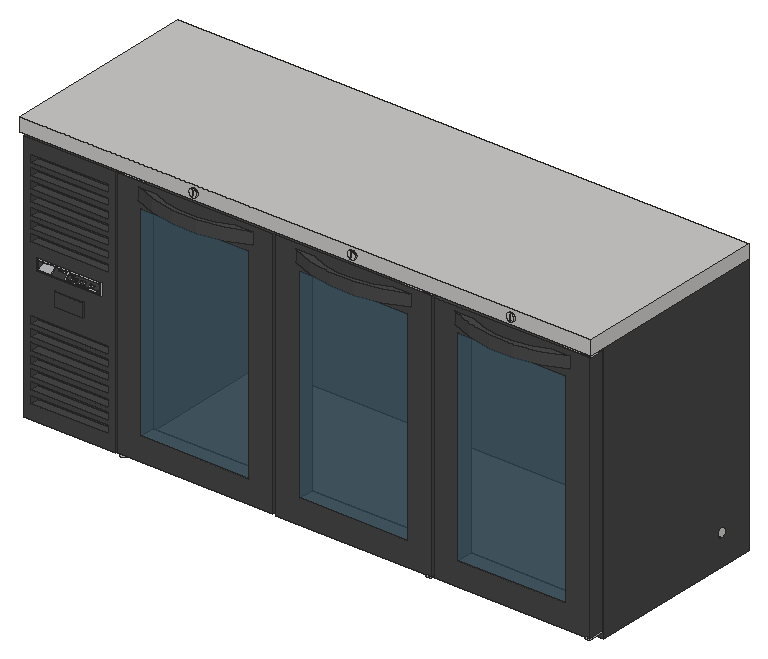
Revit family "QF_TRUE_TBR72-RISZ1-L-B-GGG-1", category Specialty Equipment, Revit 2016 (continued)
Definition of nested family "CASTORS & LEGS"
  Dimensions and locks (in)
    aligned and locked: level to plane 1
  Nested families (in)
    nested 1: "3 INCHES 01_CASTER" at (0, 0, 0), visible <- "Show 2 Inches Castors", type "3 INCHES 01_CASTER"
      with Type Mark "", Specification by User "", Revision Code "", Item Number "", Installed By "", Identify Quantity as Lot yes, Furnished By "", Foodservice Equipment Identifier yes, 3 Inches Caster yes
    nested 2: "HATCO_4 INCHES_CASTER" at (0, -0.75, 0), Show 4 Inches Caster <- "Show 3 Inches Castors", type "HATCO_4 INCHES_CASTER"
      with Type Mark "", Specification by User "", Show 4 Inches Caster yes, Revision Code "", Item Number "", Installed By "", Identify Quantity as Lot yes, Furnished By "", Foodservice Equipment Identifier yes
    nested 3: "5 INCHES 01_CASTER" at (0, 0, 0), visible <- "Show 4 Inches Castors", type "5 INCHES 01_CASTER"
      with Type Mark "", Specification by User "", Show 5" Casters yes, Revision Code "", Key Locks yes, Item Number "", Installed By "", Identify Quantity as Lot yes, Furnished By "", Foodservice Equipment Identifier yes
    nested 4: "7-8 INCHES_CASTER" at (0, 0, 0), visible <- "Show 1 Inch Rollers", type "7-8 INCHES_CASTER"
      with Type Mark "", Specification by User "", Revision Code "", Item Number "", Installed By "", Identify Quantity as Lot yes, Furnished By "", Foodservice Equipment Identifier yes, 2.5 Inches Caster yes
    nested 5: "6 INCHES 02_CASTER" at (0, 0, 0), visible <- "Show 5 Inches Castors", Show Casters <- "Show 5 Inches Castors", type "6 INCHES 02_CASTER"
      with Type Mark "", Specification by User "", Show Casters yes, Revision Code "", Item Number "", Installed By "", Identify Quantity as Lot yes, Furnished By "", Foodservice Equipment Identifier yes
  Definition of nested family "3 INCHES 01_CASTER"
    Parameters (values of type "3 INCHES 01_CASTER")
      Weight = ""
      URL Manufacturer = ""
      URL Cutsheet = ""
      URL = ""
      Type Mark [instance] = ""
      Specification by User [instance] = ""
      Specification by Manufacturer = ""
      Serial Number = ""
      Seismic Rating = ""
      SMACNA No = ""
      Revision Code [instance] = ""
      Omniclass Number and Title = ""
      NAFEM Spec ID Number = ""
      Model = ""
      MasterSpec. = ""
      Manufacturer = ""
      Item Number [instance] = ""
      Installed By [instance] = ""
      Identify Quantity as Lot [instance] = yes
      Furnished By [instance] = ""
      Foodservice Equipment Identifier [instance] = yes
      Description = ""
      CSI MasterFormat = ""
      CSI Master Format = ""
      Assembly Code = ""
      3 Inches Caster [instance] = yes
    Reference planes (in)
      plane 1: z = 0
      plane 2 "RIGHT": x = 0
      plane 3 "FRONT": y = 0
      plane 4 "TOP": z = 3.125
    Forms (in)
      Revolve 1, solid, visible <- "3 Inches Caster"
        sketch origin (-1.93794, 0.56004, -1.0041) x (1, 0, 0) y (0, 0, 1)
          loop
            line (0.74055, 2.11347) -> (0.74055, 2.03797) -> (0.79055, 1.98797) -> (0.85055, 1.98797) -> (0.85055, 1.8679) -> (1.235, 1.8679) -> (1.235, 1.7068) -> (1.36441, 1.63209) -> (1.4003, 1.41035) -> (1.34375, 1.41035) -> (1.34375, 1.28535) -> (1.375, 1.28535) -> (1.375, 1.0041) -> (2.48438, 1.0041) -> (2.48438, 1.28535) -> (2.51563, 1.28535) -> (2.51563, 1.41035) -> (2.45908, 1.41035) -> (2.49553, 1.6356) -> (2.62438, 1.70999) -> (2.62438, 1.8679) -> (3.04007, 1.8679) -> (3.04007, 1.98797) -> (3.10007, 1.98797) -> (3.15007, 2.03797) -> (3.15007, 2.11347) -> (0.74055, 2.11347)
          axis (0.74055, 2.11347) -> (3.15007, 2.11347)
        angle from 0 to 360
      Extrusion 2, solid, visible <- "3 Inches Caster"
        sketch origin (-1.93794, 1.35294, -3.2541) x (0, 1, 0) y (0, 0, 1)
          loop
            line (-0.41094, 5.86793) -> (-0.41094, 6.01276) -> (-2.29494, 6.01276) -> (-2.29494, 5.71244) -> (-1.82301, 5.71244)
            arc (-1.82301, 5.71244) -> (-1.00307, 5.59865) -> (-0.19592, 5.41488) r 9.6332
            arc (-0.19592, 5.41488) -> (0.12646, 5.29481) -> (0.42224, 5.11916) r 1.92059
            line (0.42224, 5.11916) -> (0.51314, 5.245)
            arc (0.51314, 5.245) -> (0.27353, 5.42569) -> (0.01201, 5.5729) r 2.25036
            line (0.01201, 5.5729) -> (0.09371, 5.71426)
            arc (0.09371, 5.71426) -> (-0.15272, 5.81043) -> (-0.41094, 5.86793) r 1.73151
        from 1.17357 to 2.70231
      Revolve 3, solid, visible <- "3 Inches Caster"
        sketch origin (0, 1.73858, -3.25) x (0, 1, 0) y (0, 0, 1)
          loop
            line (-1.73858, 6.375) -> (-1.73858, 6.00866) -> (-0.93293, 6.00866) -> (-0.93293, 6.375) -> (-1.73858, 6.375)
          axis (-1.73858, 6.00866) -> (-1.73858, 6.375)
        angle from 0 to 360
      Extrusion 4, solid, visible <- "3 Inches Caster"
        sketch origin (-1.98481, 1.35294, -1.7541) x (0, 1, 0) y (0, 0, 1)
          loop
            line (-2.29494, 4.51276) -> (-2.29494, 4.21244) -> (-2.2074, 4.21244)
            arc (-2.2074, 4.21244) -> (-1.58796, 3.87196) -> (-1.3103, 3.22193) r 1.0835
            arc (-1.3103, 3.22193) -> (-1.27304, 2.98711) -> (-1.19616, 2.76214) r 1.38462
            arc (-1.19616, 2.76214) -> (-0.77704, 2.49744) -> (-0.37393, 2.78593) r 0.44401
            arc (-0.37393, 2.78593) -> (-0.35491, 2.84407) -> (-0.34077, 2.90358) r 0.74034
            arc (-0.34077, 2.90358) -> (-0.07302, 3.38916) -> (0.4279, 3.62699) r 0.90376
            line (0.4279, 3.62699) -> (0.51314, 3.745)
            arc (0.51314, 3.745) -> (0.27353, 3.92569) -> (0.01201, 4.0729) r 2.25036
            line (0.01201, 4.0729) -> (0.09371, 4.21426)
            arc (0.09371, 4.21426) -> (-0.15272, 4.31043) -> (-0.41094, 4.36793) r 1.73151
            line (-0.41094, 4.36793) -> (-0.41094, 4.51276) -> (-2.29494, 4.51276)
        from 2.74918 to 2.90825
      Extrusion 5, solid, visible <- "3 Inches Caster"
        sketch origin (1.98481, 1.35294, -1.7541) x (0, 1, 0) y (0, 0, -1)
          loop
            line (-2.29494, -4.51276) -> (-0.41094, -4.51276) -> (-0.41094, -4.36793)
            arc (-0.41094, -4.36793) -> (-0.15272, -4.31043) -> (0.09371, -4.21426) r 1.73151
            line (0.09371, -4.21426) -> (0.01201, -4.0729)
            arc (0.01201, -4.0729) -> (0.27353, -3.92569) -> (0.51314, -3.745) r 2.25036
            line (0.51314, -3.745) -> (0.4279, -3.62699)
            arc (0.4279, -3.62699) -> (-0.07302, -3.38916) -> (-0.34077, -2.90358) r 0.90376
            arc (-0.34077, -2.90358) -> (-0.35491, -2.84407) -> (-0.37393, -2.78593) r 0.74034
            arc (-0.37393, -2.78593) -> (-0.77704, -2.49744) -> (-1.19616, -2.76214) r 0.44401
            arc (-1.19616, -2.76214) -> (-1.27304, -2.98711) -> (-1.3103, -3.22193) r 1.38462
            arc (-1.3103, -3.22193) -> (-1.58796, -3.87196) -> (-2.2074, -4.21244) r 1.0835
            line (-2.2074, -4.21244) -> (-2.29494, -4.21244) -> (-2.29494, -4.51276)
        from 2.74918 to 2.90825
    Cuts and joins
      joined: Extrusion 2, Extrusion 4, Extrusion 5
    Lines and regions (in)
      symbolic lines, visible <- "3 Inches Caster"
        curve 1: line (0.1877, 1.65194, 0) -> (0.89063, 1.2461, 0)
        curve 2: line (-1.00175, -0.40823, 0) -> (0.1877, 1.65194, 0)
        curve 3: line (-0.29881, -0.81407, 0) -> (-1.00175, -0.40823, 0)
        curve 4: line (0.89063, 1.2461, 0) -> (-0.29881, -0.81407, 0)
    Dimensions and locks (in)
      plane 4 "TOP" to level = 3 1/8"  (x2)
      aligned and locked: level to plane 1
  Definition of nested family "HATCO_4 INCHES_CASTER"
    Parameters (values of type "HATCO_4 INCHES_CASTER")
      URL Manufacturer = ""
      URL Cutsheet = ""
      URL = ""
      Type Mark [instance] = ""
      Specification by User [instance] = ""
      Specification by Manufacturer = ""
      Serial Number = ""
      Seismic Rating = ""
      SMACNA No = ""
      Revision Code [instance] = ""
      Omniclass Number and Title = ""
      NAFEM Spec ID Number = ""
      Model = ""
      Manufacturer = ""
      Item Number [instance] = ""
      Installed By [instance] = ""
      Identify Quantity as Lot [instance] = yes
      Furnished By [instance] = ""
      Foodservice Equipment Identifier [instance] = yes
      Description = ""
      CSI MasterFormat = ""
      CSI Master Format = ""
      Assembly Code = ""
      Show 4 Inches Caster [instance] = yes
    Reference planes (in)
      plane 1: z = 0
      plane 2 "RIGHT": x = 0
      plane 3 "FRONT": y = 0
      plane 4 "TOP": z = 4
    Forms (in)
      Revolve 1, solid, visible <- "Show 4 Inches Caster"
        sketch origin (-1.93794, 0.83816, -1.0041) x (1, 0, 0) y (0, 0, 1)
          loop
            line (0.74055, 2.5041) -> (3.15007, 2.5041) -> (3.15007, 2.5796) -> (3.10007, 2.6296) -> (3.04007, 2.6296) -> (3.04007, 2.74967) -> (2.62438, 2.74967) -> (2.62438, 2.93884) -> (2.48438, 3.01967) -> (2.45908, 3.17597) -> (2.51563, 3.17597) -> (2.51563, 3.41035) -> (2.48438, 3.41035) -> (2.48438, 4.0041) -> (1.375, 4.0041) -> (1.375, 3.41035) -> (1.34375, 3.41035) -> (1.34375, 3.17597) -> (1.4003, 3.17597) -> (1.37557, 3.02318) -> (1.235, 2.94202) -> (1.235, 2.74967) -> (0.85055, 2.74967) -> (0.85055, 2.6296) -> (0.79055, 2.6296) -> (0.74055, 2.5796) -> (0.74055, 2.5041)
          axis (0.74055, 2.5041) -> (3.15007, 2.5041)
        angle from 0 to 360
      Extrusion 2, solid, visible <- "Show 4 Inches Caster"
        sketch origin (-1.93794, 1.80294, -1.7541) x (0, 1, 0) y (0, 0, 1)
          loop
            line (-3.08794, 5.33423) -> (-3.08794, 5.00584) -> (-2.69466, 5.00584)
            arc (-2.69466, 5.00584) -> (-1.57175, 4.94895) -> (-0.46376, 4.75787) r 9.36411
            arc (-0.46376, 4.75787) -> (-0.05889, 4.58436) -> (0.28335, 4.30705) r 1.60049
            line (0.28335, 4.30705) -> (0.34449, 4.39437)
            arc (0.34449, 4.39437) -> (0.12713, 4.6163) -> (-0.1239, 4.79931) r 1.8753
            line (-0.1239, 4.79931) -> (-0.05749, 4.91421)
            arc (-0.05749, 4.91421) -> (-0.33807, 5.05694) -> (-0.64294, 5.13542) r 1.44292
            line (-0.64294, 5.13542) -> (-0.64294, 5.33423) -> (-3.08794, 5.33423)
        from 1.1267 to 2.74918
      Revolve 3, solid, visible <- "Show 4 Inches Caster"
        sketch origin (0, 2.15543, -2.25) x (0, 1, 0) y (0, 0, 1)
          loop
            line (-2.21793, 6.25) -> (-2.21793, 5.83014) -> (-1.05793, 5.83014) -> (-1.05793, 6.25) -> (-2.21793, 6.25)
          axis (-2.21793, 5.83014) -> (-2.21793, 6.25)
        angle from 0 to 360
      Extrusion 4, solid, visible <- "Show 4 Inches Caster"
        sketch origin (-1.93794, 1.80294, -1.7541) x (0, 1, 0) y (0, 0, 1)
          loop
            line (-3.08794, 5.33423) -> (-3.08794, 5.00584) -> (-2.8913, 5.00584)
            arc (-2.8913, 5.00584) -> (-2.09118, 4.14057) -> (-1.45681, 3.14736) r 6.63355
            arc (-1.45681, 3.14736) -> (-0.85703, 2.75969) -> (-0.4561, 3.35069) r 0.5107
            arc (-0.4561, 3.35069) -> (-0.27092, 3.92503) -> (0.24034, 4.24562) r 0.88136
            line (0.24034, 4.24562) -> (0.34449, 4.39437)
            arc (0.34449, 4.39437) -> (0.12713, 4.6163) -> (-0.1239, 4.79931) r 1.8753
            line (-0.1239, 4.79931) -> (-0.05749, 4.91421)
            arc (-0.05749, 4.91421) -> (-0.33807, 5.05694) -> (-0.64294, 5.13542) r 1.44292
            line (-0.64294, 5.13542) -> (-0.64294, 5.33423) -> (-3.08794, 5.33423)
        from 2.74918 to 2.90825
      Extrusion 5, solid, visible <- "Show 4 Inches Caster"
        sketch origin (1.93794, 1.80294, -1.7541) x (0, 1, 0) y (0, 0, -1)
          loop
            line (-3.08794, -5.33423) -> (-0.64294, -5.33423) -> (-0.64294, -5.13542)
            arc (-0.64294, -5.13542) -> (-0.33807, -5.05694) -> (-0.05749, -4.91421) r 1.44292
            line (-0.05749, -4.91421) -> (-0.1239, -4.79931)
            arc (-0.1239, -4.79931) -> (0.12713, -4.6163) -> (0.34449, -4.39437) r 1.8753
            line (0.34449, -4.39437) -> (0.24034, -4.24562)
            arc (0.24034, -4.24562) -> (-0.27092, -3.92503) -> (-0.4561, -3.35069) r 0.88136
            arc (-0.4561, -3.35069) -> (-0.85703, -2.75969) -> (-1.45681, -3.14736) r 0.5107
            arc (-1.45681, -3.14736) -> (-2.09118, -4.14057) -> (-2.8913, -5.00584) r 6.63355
            line (-2.8913, -5.00584) -> (-3.08794, -5.00584) -> (-3.08794, -5.33423)
        from 2.74918 to 2.90825
    Cuts and joins
      joined: Extrusion 2, Extrusion 4, Extrusion 5
    Lines and regions (in)
      symbolic lines, visible <- "Show 4 Inches Caster"
        curve 1: line (0.28481, 2.83041, 0) -> (1.24556, 2.27572, 0)
        curve 2: line (-1.26206, 0.15114, 0) -> (-0.69281, 1.13711, 0)
        curve 3: line (-0.30132, -0.40355, 0) -> (-1.26206, 0.15114, 0)
        curve 4: line (1.24556, 2.27572, 0) -> (0.69868, 1.3285, 0)
        curve 5: line (-0.2461, 1.91084, 0) -> (0.28481, 2.83041, 0)
        curve 6: line (0.19868, 0.46248, 0) -> (-0.30132, -0.40355, 0)
    Dimensions and locks (in)
      plane 4 "TOP" to level = 4"  (x2)
      aligned and locked: level to plane 1
  Definition of nested family "5 INCHES 01_CASTER"
    Parameters (values of type "5 INCHES 01_CASTER")
      Weight = ""
      URL Manufacturer = ""
      URL Cutsheet = ""
      URL = ""
      Type Mark [instance] = ""
      Specification by User [instance] = ""
      Specification by Manufacturer = ""
      Show 5" Casters [instance] = yes
      Serial Number = ""
      Seismic Rating = ""
      SMACNA No = ""
      Revision Code [instance] = ""
      Omniclass Number and Title = ""
      NAFEM Spec ID Number = ""
      Model = ""
      MasterSpec. = ""
      Manufacturer = ""
      Key Locks [instance] = yes
      Item Number [instance] = ""
      Installed By [instance] = ""
      Identify Quantity as Lot [instance] = yes
      Furnished By [instance] = ""
      Foodservice Equipment Identifier [instance] = yes
      Description = ""
      CSI MasterFormat = ""
      CSI Master Format = ""
      Assembly Code = ""
    Reference planes (in)
      plane 1: z = 0
      plane 2 "RIGHT": x = 0
      plane 3 "FRONT": y = 0
      plane 4 "TOP": z = 5
    Forms (in)
      Revolve 1, solid, visible <- "Show 5" Casters"
        sketch origin (-1.93794, 0.99859, -1.0041) x (1, 0, 0) y (0, 0, 1)
          loop
            line (0.74055, 3.0041) -> (0.74055, 2.9286) -> (0.79055, 2.8786) -> (0.85055, 2.8786) -> (0.85055, 2.75852) -> (1.235, 2.75852) -> (1.235, 2.56618) -> (1.37557, 2.48502) -> (1.49133, 1.76972) -> (1.34375, 1.76972) -> (1.34375, 1.53535) -> (1.375, 1.53535) -> (1.375, 1.0041) -> (2.48438, 1.0041) -> (2.48438, 1.53535) -> (2.51563, 1.53535) -> (2.51563, 1.76972) -> (2.36805, 1.76972) -> (2.48438, 2.48853) -> (2.62438, 2.56936) -> (2.62438, 2.75852) -> (3.04007, 2.75852) -> (3.04007, 2.8786) -> (3.10007, 2.8786) -> (3.15007, 2.9286) -> (3.15007, 3.0041) -> (0.74055, 3.0041)
          axis (0.74055, 3.0041) -> (3.15007, 3.0041)
        angle from 0 to 360
      Extrusion 2, solid, visible <- "Show 5" Casters"
        sketch origin (-1.93794, 1.96337, -0.7541) x (0, 1, 0) y (0, 0, 1)
          loop
            line (-3.37739, 5.33423) -> (-3.37739, 4.92712) -> (-2.49294, 4.92712)
            arc (-2.49294, 4.92712) -> (-1.47209, 4.91752) -> (-0.46376, 4.75787) r 6.92153
            arc (-0.46376, 4.75787) -> (0.14199, 4.53396) -> (0.67481, 4.16904) r 2.62713
            line (0.67481, 4.16904) -> (0.7876, 4.33012)
            arc (0.7876, 4.33012) -> (0.48098, 4.5674) -> (0.13288, 4.73811) r 1.91675
            line (0.13288, 4.73811) -> (0.21197, 4.87494)
            arc (0.21197, 4.87494) -> (-0.1576, 5.02102) -> (-0.54934, 5.08775) r 1.91675
            line (-0.54934, 5.08775) -> (-0.54934, 5.33423) -> (-3.37739, 5.33423)
        from 1.17357 to 2.70231
      Revolve 3, solid, visible <- "Show 5" Casters"
        sketch origin (0, 2.15543, -1.25) x (0, 1, 0) y (0, 0, 1)
          loop
            line (-2.21793, 6.25) -> (-2.21793, 5.83014) -> (-1.05793, 5.83014) -> (-1.05793, 6.25) -> (-2.21793, 6.25)
          axis (-2.21793, 5.83014) -> (-2.21793, 6.25)
        angle from 0 to 360
      Extrusion 4, solid, visible <- "Show 5" Casters"
        sketch origin (-1.98481, 1.96337, -0.7541) x (0, 1, 0) y (0, 0, 1)
          loop
            line (-3.37739, 5.33423) -> (-3.37739, 4.92712) -> (-3.13361, 4.92712)
            arc (-3.13361, 4.92712) -> (-2.12623, 3.92533) -> (-1.55834, 2.62307) r 3.79122
            arc (-1.55834, 2.62307) -> (-0.81477, 2.14247) -> (-0.31772, 2.87515) r 0.63314
            arc (-0.31772, 2.87515) -> (-0.02244, 3.67728) -> (0.68637, 4.15498) r 1.39003
            line (0.68637, 4.15498) -> (0.7876, 4.33012)
            arc (0.7876, 4.33012) -> (0.48098, 4.5674) -> (0.13288, 4.73811) r 1.91675
            line (0.13288, 4.73811) -> (0.21197, 4.87494)
            arc (0.21197, 4.87494) -> (-0.1576, 5.02102) -> (-0.54934, 5.08775) r 1.91675
            line (-0.54934, 5.08775) -> (-0.54934, 5.33423) -> (-3.37739, 5.33423)
        from 2.74918 to 2.90825
      Extrusion 5, solid, visible <- "Show 5" Casters"
        sketch origin (1.98481, 1.96337, -0.7541) x (0, 1, 0) y (0, 0, -1)
          loop
            line (-3.37739, -5.33423) -> (-0.54934, -5.33423) -> (-0.54934, -5.08775)
            arc (-0.54934, -5.08775) -> (-0.1576, -5.02102) -> (0.21197, -4.87494) r 1.91675
            line (0.21197, -4.87494) -> (0.13288, -4.73811)
            arc (0.13288, -4.73811) -> (0.48098, -4.5674) -> (0.7876, -4.33012) r 1.91675
            line (0.7876, -4.33012) -> (0.68637, -4.15498)
            arc (0.68637, -4.15498) -> (-0.02244, -3.67728) -> (-0.31772, -2.87515) r 1.39003
            arc (-0.31772, -2.87515) -> (-0.81477, -2.14247) -> (-1.55834, -2.62307) r 0.63314
            arc (-1.55834, -2.62307) -> (-2.12623, -3.92533) -> (-3.13361, -4.92712) r 3.79122
            line (-3.13361, -4.92712) -> (-3.37739, -4.92712) -> (-3.37739, -5.33423)
        from 2.74918 to 2.90825
    Cuts and joins
      joined: Extrusion 2, Extrusion 4, Extrusion 5
    Lines and regions (in)
      symbolic lines, visible <- "Show 5" Casters"
        curve 1: line (0.54262, 2.21348, 0) -> (1.50337, 1.65879, 0)
        curve 2: line (-1.45738, -1.25062, 0) -> (-0.70738, 0.04842, 0)
        curve 3: line (-0.49663, -1.80531, 0) -> (-1.45738, -1.25062, 0)
        curve 4: line (1.50337, 1.65879, 0) -> (0.75337, 0.35975, 0)
        curve 5: line (-0.20738, 0.91444, 0) -> (0.54262, 2.21348, 0)
        curve 6: line (0.25337, -0.50627, 0) -> (-0.49663, -1.80531, 0)
    Dimensions and locks (in)
      plane 4 "TOP" to level = 5"  (x2)
      aligned and locked: level to plane 1
  Definition of nested family "7-8 INCHES_CASTER"
    Parameters (values of type "7-8 INCHES_CASTER")
      Weight = ""
      URL Manufacturer = ""
      URL Cutsheet = ""
      URL = ""
      Type Mark [instance] = ""
      Specification by User [instance] = ""
      Specification by Manufacturer = ""
      Serial Number = ""
      Seismic Rating = ""
      SMACNA No = ""
      Revision Code [instance] = ""
      Omniclass Number and Title = ""
      NAFEM Spec ID Number = ""
      Model = ""
      MasterSpec. = ""
      Manufacturer = ""
      Item Number [instance] = ""
      Installed By [instance] = ""
      Identify Quantity as Lot [instance] = yes
      Furnished By [instance] = ""
      Foodservice Equipment Identifier [instance] = yes
      Description = ""
      CSI MasterFormat = ""
      CSI Master Format = ""
      Assembly Code = ""
      2.5 Inches Caster [instance] = yes
    Reference planes (in)
      plane 1: z = 0
      plane 2 "RIGHT": x = 0
      plane 3 "FRONT": y = 0
      plane 4 "TOP": z = 2.125
      plane 5: z = 0.875
    Forms (in)
      Revolve 1, solid, visible <- "2.5 Inches Caster"
        sketch origin (-1.93794, 0.16358, -1.0041) x (1, 0, 0) y (0, 0, 1)
          loop
            line (2.21963, 1.0041) -> (2.21963, 1.07441) -> (2.16308, 1.07441) -> (2.17665, 1.15827) -> (2.27369, 1.21429) -> (2.27369, 1.29531) -> (1.60219, 1.29531) -> (1.60219, 1.21429) -> (1.69923, 1.15827) -> (1.7128, 1.07441) -> (1.65625, 1.07441) -> (1.65625, 1.0041) -> (2.21963, 1.0041)
          axis (2.27369, 1.29531) -> (1.60219, 1.29531)
        angle from 0 to 360
      Extrusion 2, solid, visible <- "2.5 Inches Caster"
        sketch origin (-1.93794, 1.43296, -4.66527) x (0, 1, 0) y (0, 0, 1)
          loop
            line (-1.16673, 5.3791) -> (-1.71584, 5.3791) -> (-1.71584, 5.33314) -> (-1.62354, 5.33314)
            arc (-1.62354, 5.33314) -> (-1.55924, 5.29737) -> (-1.50495, 5.24769) r 0.31579
            line (-1.50495, 5.24769) -> (-0.93687, 5.24769)
            arc (-0.93687, 5.24769) -> (-0.98865, 5.28224) -> (-1.04346, 5.31172) r 0.65588
            line (-1.04346, 5.31172) -> (-1.01965, 5.35291)
            arc (-1.01965, 5.35291) -> (-1.09203, 5.3725) -> (-1.16673, 5.3791) r 0.4262
        from 1.60219 to 2.27369
      Revolve 3, solid, visible <- "2.5 Inches Caster"
        sketch origin (0, 1.73858, -5) x (0, 1, 0) y (0, 0, 1)
          loop
            line (-1.73858, 5.71382) -> (-1.35578, 5.71382) -> (-1.35578, 5.875) -> (-1.73858, 5.875) -> (-1.73858, 5.71382)
          axis (-1.73858, 5.71382) -> (-1.73858, 5.875)
        angle from 0 to 360
      Extrusion 4, solid, visible <- "2.5 Inches Caster"
        sketch origin (0.33575, 1.43296, -4.66527) x (0, 1, 0) y (0, 0, 1)
          loop
            line (-1.71584, 5.3791) -> (-1.71584, 5.33314) -> (-1.62354, 5.33314)
            arc (-1.62354, 5.33314) -> (-1.48788, 5.22611) -> (-1.42886, 5.06369) r 0.31579
            arc (-1.42886, 5.06369) -> (-1.418, 4.99525) -> (-1.39559, 4.92968) r 0.40356
            arc (-1.39559, 4.92968) -> (-1.27344, 4.85253) -> (-1.15595, 4.93662) r 0.12941
            arc (-1.15595, 4.93662) -> (-1.1504, 4.95356) -> (-1.14628, 4.97091) r 0.21578
            arc (-1.14628, 4.97091) -> (-1.06824, 5.11243) -> (-0.92225, 5.18175) r 0.26341
            line (-0.92225, 5.18175) -> (-0.8974, 5.21614)
            arc (-0.8974, 5.21614) -> (-0.96724, 5.26881) -> (-1.04346, 5.31172) r 0.65588
            line (-1.04346, 5.31172) -> (-1.01965, 5.35291)
            arc (-1.01965, 5.35291) -> (-1.09203, 5.3725) -> (-1.16673, 5.3791) r 0.4262
            line (-1.16673, 5.3791) -> (-1.71584, 5.3791)
        from 0 to 0.0625
      Extrusion 5, solid, visible <- "2.5 Inches Caster"
        sketch origin (-0.33575, 1.43296, -4.66527) x (0, -1, 0) y (0, 0, 1)
          loop
            line (1.71584, 5.3791) -> (1.16673, 5.3791)
            arc (1.16673, 5.3791) -> (1.09203, 5.3725) -> (1.01965, 5.35291) r 0.4262
            line (1.01965, 5.35291) -> (1.04346, 5.31172)
            arc (1.04346, 5.31172) -> (0.96724, 5.26881) -> (0.8974, 5.21614) r 0.65588
            line (0.8974, 5.21614) -> (0.92225, 5.18175)
            arc (0.92225, 5.18175) -> (1.06824, 5.11243) -> (1.14628, 4.97091) r 0.26341
            arc (1.14628, 4.97091) -> (1.1504, 4.95356) -> (1.15595, 4.93662) r 0.21578
            arc (1.15595, 4.93662) -> (1.27344, 4.85253) -> (1.39559, 4.92968) r 0.12941
            arc (1.39559, 4.92968) -> (1.418, 4.99525) -> (1.42886, 5.06369) r 0.40356
            arc (1.42886, 5.06369) -> (1.48788, 5.22611) -> (1.62354, 5.33314) r 0.31579
            line (1.62354, 5.33314) -> (1.71584, 5.33314) -> (1.71584, 5.3791)
        from 0 to 0.0625
    Lines and regions (in)
      symbolic lines, visible <- "2.5 Inches Caster"
        curve 1: line (0.14193, 0.81567, 0) -> (0.64448, 0.52552, 0)
        curve 2: line (-0.51849, -0.32822, 0) -> (0.14193, 0.81567, 0)
        curve 3: line (-0.01594, -0.61837, 0) -> (-0.51849, -0.32822, 0)
        curve 4: line (0.64448, 0.52552, 0) -> (-0.01594, -0.61837, 0)
    Dimensions and locks (in)
      plane 4 "TOP" to level = 2 1/8"  (x2)
      plane 5 to plane 1 = 7/8"
      aligned and locked: level to plane 1
  Definition of nested family "6 INCHES 02_CASTER"
    Parameters (values of type "6 INCHES 02_CASTER")
      Weight = ""
      URL Manufacturer = ""
      URL Cutsheet = ""
      URL = ""
      Type Mark [instance] = ""
      Specification by User [instance] = ""
      Specification by Manufacturer = ""
      Show Casters [instance] = yes
      Serial Number = ""
      Seismic Rating = ""
      SMACNA No = ""
      Revision Code [instance] = ""
      Omniclass Number and Title = ""
      NAFEM Spec ID Number = ""
      Model = ""
      MasterSpec. = ""
      Manufacturer = ""
      Item Number [instance] = ""
      Installed By [instance] = ""
      Identify Quantity as Lot [instance] = yes
      Furnished By [instance] = ""
      Foodservice Equipment Identifier [instance] = yes
      Description = ""
      CSI MasterFormat = ""
      CSI Master Format = ""
    Reference planes (in)
      plane 1 "BACK": y = 0
      plane 2: z = 0
      plane 3 "LEFT": x = 0
      plane 4 "RIGHT": x = 0
      plane 5 "FRONT": y = 0
      plane 6 "TOP": z = 6.0625
    Forms (in)
      Revolve 1, solid, visible <- "Show Casters"
        sketch origin (-2.21793, 0, -0.25) x (-1, 0, 0) y (0, 0, 1)
          loop
            line (-2.21793, 6) -> (-2.21793, 5.55584) -> (-0.93693, 5.55584) -> (-0.93693, 6) -> (-2.21793, 6)
          axis (-2.21793, 5.55584) -> (-2.21793, 6)
        angle from 0 to 360
      Extrusion 2, solid, visible <- "Show Casters"
        sketch origin (0.25594, 2.08988, -0.1875) x (0, 1, 0) y (0, 0, 1)
          loop
            line (-3.37793, 5.49334) -> (-3.37793, 5.24334) -> (-1.67236, 2.30765)
            arc (-1.67236, 2.30765) -> (-0.65502, 1.97635) -> (-0.25363, 2.96812) r 0.78437
            line (-0.25363, 2.96812) -> (-0.80182, 5.49334) -> (-3.37793, 5.49334)
        from 0.78968 to 0.90247
      Extrusion 3, solid, visible <- "Show Casters"
        sketch origin (0, 0, 5.75) x (0, 1, 0) y (-1, 0, 0)
          loop
            circle (0, 0) r 0.75
        from 0 to 0.3125
      Extrusion 4, solid, visible <- "Show Casters"
        sketch origin (-0.25594, 2.08988, -0.1875) x (0, 1, 0) y (0, 0, -1)
          loop
            line (-3.37793, -5.24334) -> (-3.37793, -5.49334) -> (-0.80182, -5.49334) -> (-0.25363, -2.96812)
            arc (-0.25363, -2.96812) -> (-0.65502, -1.97635) -> (-1.67236, -2.30765) r 0.78437
            line (-1.67236, -2.30765) -> (-3.37793, -5.24334)
        from 0.78968 to 0.90247
      Extrusion 5, solid, visible <- "Show Casters"
        sketch origin (0, -0.12806, 0.75) x (0, 1, 0) y (0, 0, 1)
          loop
            line (-1.16, 4.55584) -> (-1.16, 4.30584) -> (1.41611, 4.30584) -> (1.41611, 4.55584) -> (-1.16, 4.55584)
        from -1.04562 to 1.04562
      Revolve 6, solid, visible <- "Show Casters"
        sketch origin (-1.9375, 1.11772, -0.12802) x (1, 0, 0) y (0, 0, 1)
          loop
            line (0.5843, 2.5666) -> (0.5843, 2.4286) -> (0.6343, 2.3786) -> (0.6943, 2.3786) -> (0.6943, 2.2429) -> (1.1725, 2.2429) -> (1.1725, 1.84743) -> (1.30191, 1.77271) -> (1.42647, 1.00302) -> (1.28125, 1.00302) -> (1.28125, 0.75302) -> (1.3125, 0.75302) -> (1.3125, 0.50302)
            arc (1.3125, 0.50302) -> (1.42233, 0.23785) -> (1.6875, 0.12802) r 0.375
            line (1.6875, 0.12802) -> (2.1875, 0.12802)
            arc (2.1875, 0.12802) -> (2.45267, 0.23785) -> (2.5625, 0.50302) r 0.375
            line (2.5625, 0.50302) -> (2.5625, 0.75302) -> (2.59375, 0.75302) -> (2.59375, 1.00302) -> (2.44853, 1.00302) -> (2.57366, 1.77622) -> (2.7025, 1.85061) -> (2.7025, 2.2429) -> (3.1807, 2.2429) -> (3.1807, 2.3786) -> (3.2407, 2.3786) -> (3.2907, 2.4286) -> (3.2907, 2.5666) -> (0.5843, 2.5666)
          axis (0.5843, 2.5666) -> (3.2907, 2.5666)
        angle from 0 to 360
    Cuts and joins
      joined: Extrusion 2, Extrusion 4, Extrusion 5
    Lines and regions (in)
      symbolic lines, visible <- "Show Casters"
        curve 1: line (0.45873, 2.04243, 0) -> (1.54127, 1.41743, 0)
        curve 2: line (-1.54127, -1.42167, 0) -> (-0.79127, -0.12263, 0)
        curve 3: line (-0.45873, -2.04667, 0) -> (-1.54127, -1.42167, 0)
        curve 4: line (1.54127, 1.41743, 0) -> (0.79127, 0.11839, 0)
        curve 5: line (-0.29127, 0.74339, 0) -> (0.45873, 2.04243, 0)
        curve 6: line (0.29127, -0.74763, 0) -> (-0.45873, -2.04667, 0)
    Dimensions and locks (in)
      plane 6 "TOP" to level = 6 1/16"
      locked: plane 6 "TOP" to level at 6.0625
      aligned and locked: level to plane 2
